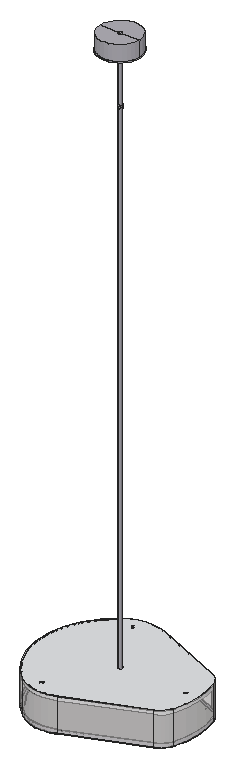
Revit family "Lighting - Lumetta - Pendant - NP52305", category Lighting Fixtures, host Ceiling, Revit 2015
Parameters
  Wattage = 11.7117 W
  built-in parameter 1150110 = 1 (stored number, unit not read)
  URL = "https://lumetta.com/luminaires/nexus-23-pendant/"
  Type Comments = "Nexus 23'' Pendant"  # constant formula
  built-in parameter 1114217 = 1 (stored number, unit not read)
  built-in parameter 1150109 = 1 (stored number, unit not read)
  built-in parameter 1150134 = (empty or 0)
  Suspension [instance] = 2
  built-in parameter 1150113 = 1 (stored number, unit not read)
  Stem Hung-ALL Lamping [instance] = Suspension = 2  # yes
  STD-NON_DIM [instance] = not([3-4-LED])  # yes
  Model URL [instance] = "https://lumetta.com/luminaires/nexus-23-pendant/"
  Light Source Symbol Size = 0' - 1"
  Coupling-Stems Over 60 inches [instance] = and([Stem Hung-ALL Lamping], Fixture Drop > 5' 0")  # yes
  Model = "NP52305"  # constant formula
  Manufacturer = "Lumetta, Inc."  # constant formula
  Lumens = 1300 lm
  built-in parameter 1150115 = 1 (stored number, unit not read)
  built-in parameter 1150105 = 103.45 (stored number, unit not read)
  built-in parameter 1150137 = (empty or 0)
  built-in parameter 1150139 = (empty or 0)
  built-in parameter 1150112 = 1 (stored number, unit not read)
  built-in parameter 1150114 = 1 (stored number, unit not read)
  built-in parameter 1150132 = 1
  built-in parameter 1150102 = (empty or 0)
  built-in parameter 1150138 = (empty or 0)
  built-in parameter 1150107 = 3000 (stored number, unit not read)
  built-in parameter 1150106 = 1.0345 (stored number, unit not read)
  Frame Finish [instance] = Paint - Lumetta - F02 - PC_Chrome
  Fixture Drop [instance] = 7' - 0"
  built-in parameter 1150104 = 10.312 (stored number, unit not read)
  Dimming Lamp Color Temperature Shift = (empty or 0)
  Diffuser Material [instance] = Shade - Lumetta - D61 - MT_White
  Description = ""
  Cord [instance] = Suspension = 1  # no
  Bottom Lens-Material [instance] = Acrylic - P95 - Etched White
  Bottom Lens [instance] = yes
  3-4-LED [instance] = and([3 or 4 Wire Dimming OR LED], Suspension = 1)  # no
  3 or 4 Wire Dimming OR LED [instance] = yes
  3 Cables [instance] = Suspension = 1  # no
  1CRD-3CBL-ALL Lamping [instance] = Suspension = 1  # no
  Cord Color [instance] = Cord, Black
  Color Filter = 16777215
  built-in parameter 1114218 = 1 (stored number, unit not read)
  built-in parameter 1150133 = 10 (stored number, unit not read)
Reference planes (in)
  plane 1 "Light Source Axis (F/B)": y = 0
  plane 2 "Ceiling": z = 96
  plane 3 "Light Source Axis (L/R)": x = 0
  plane 4 "Light Source Elevation": z = 9.5
  plane 5 "Fixture-Top": z = 12
  plane 6 "Fixture-Radius": x = 11.5
  plane 7 "Fixture-Height": z = 7
  plane 8: through (0, 0, 0) normal (-0.5, -0.866, 0)
  plane 9: y = 0
  plane 10: through (0, 0, 0) normal (0.5, -0.866, 0)
  plane 11 "Plane-120": through (-5.75, 9.95929, 0) normal (0.5, -0.866, 0)
  plane 12 "Plane-240": through (-68.10383, 26.04071, 0) normal (0.5, 0.866, 0)
  plane 13: through (0, 0, 0) normal (-0.866, -0.5, 0)
  plane 14: through (0, 0, 0) normal (0.866, -0.5, 0)
Forms (in)
  Revolve 1, solid, material "Paint - Lumetta - F02 - PC_Chrome" <- "Frame Finish", visible <- "1CRD-3CBL-ALL Lamping"
    sketch origin (0, 0, 0) x (1, 0, 0) y (0, 0, 1)
      loop
        line (0, 96) -> (0, 95.4375) -> (3, 95.4375) -> (3, 95.5) -> (2.87509, 95.5) -> (2.87509, 96) -> (0, 96)
      axis (0, 96) -> (0, 95.4375)
    angle from 0 to 360
  Extrusion 2, void
    sketch origin (0, 0, 95.4375) x (0, -1, 0) y (1, 0, 0)
      loop
        circle (0, 0) r 0.25
      loop
        circle (0, 2.5) r 0.06274
      loop
        circle (-2.16506, -1.25) r 0.06274
      loop
        circle (2.16506, -1.25) r 0.06274
    from 0 to 0.06358
  Extrusion 3, solid, material "Paint - Lumetta - F02 - PC_Chrome" <- "Frame Finish", visible <- "Stem Hung-ALL Lamping"
    sketch origin (0, 0, 12) x (0, -1, 0) y (-1, 0, 0)
      loop
        circle (0, 0) r 0.25
    from 0.05746 to -84
  Revolve 4, solid, material "Paint - Lumetta - F02 - PC_Chrome" <- "Frame Finish", visible <- "Coupling-Stems Over 60 inches"
    sketch origin (0, 0, 0) x (1, 0, 0) y (0, 0, 1)
      loop
        line (0, 86.53023) -> (0, 86) -> (0.26233, 86)
        arc (0.26233, 86) -> (0.31307, 86.05074) -> (0.26233, 86.10149) r 0.05074
        arc (0.26233, 86.10149) -> (0.29304, 86.26499) -> (0.26243, 86.42851) r 0.45126
        arc (0.26243, 86.42851) -> (0.31329, 86.47937) -> (0.26243, 86.53023) r 0.05086
        line (0.26243, 86.53023) -> (0, 86.53023)
      axis (0, 86.53023) -> (0, 86)
    angle from 0 to 360
  Revolve 5, solid, material "Paint - Lumetta - F02 - PC_Chrome" <- "Frame Finish", visible <- "Stem Hung-ALL Lamping"
    sketch origin (0, 0, 0) x (1, 0, 0) y (0, 0, 1)
      loop
        line (0, 96) -> (0, 93.40625) -> (0.34988, 93.40625)
        arc (0.34988, 93.40625) -> (0.49124, 93.54417) -> (0.58115, 93.72) r 0.61026
        line (0.58115, 93.72) -> (3, 93.72) -> (3, 93.78) -> (2.875, 93.78) -> (2.875, 96) -> (0, 96)
      axis (0, 96) -> (0, 93.40625)
    angle from 0 to 360
  Extrusion 6, solid, material "Cord, Black" <- "Cord Color", visible <- "1CRD-3CBL-ALL Lamping"
    sketch origin (0, 0, 12) x (0, -1, 0) y (1, 0, 0)
      loop
        circle (0, 0) r 0.15674
    from -0.56254 to 84
  Extrusion 7, solid, material "Paint - Lumetta - F11 - PC_White"
    sketch origin (0, 0, 12) x (0, -1, 0) y (1, 0, 0)
      loop
        circle (0, 9.75) r 0.15796
      loop
        circle (-8.44375, -4.875) r 0.15796
      loop
        circle (8.44375, -4.875) r 0.15796
      loop
        arc (-3.6767, 10.89642) -> (-4.72094, 10.27246) -> (-5.41368, 9.27253) r 2.875
        line (-5.41368, 9.27253) -> (-9.8211, -1.36794)
        arc (-9.8211, -1.36794) -> (-10.20382, -4.3616) -> (-9.01759, -7.13674) r 5.75
        arc (-9.01759, -7.13674) -> (0, -11.5) -> (9.01759, -7.13674) r 11.5
        arc (9.01759, -7.13674) -> (10.20382, -4.3616) -> (9.8211, -1.36794) r 5.75
        line (9.8211, -1.36794) -> (5.41368, 9.27253)
        arc (5.41368, 9.27253) -> (4.72094, 10.27246) -> (3.6767, 10.89642) r 2.875
        arc (3.6767, 10.89642) -> (0, 11.5) -> (-3.6767, 10.89642) r 11.5
      loop
        circle (0, 0) r 0.26563
    from -0.05746 to 0
  Sweep 8, solid, visible <- "1CRD-3CBL-ALL Lamping"
    path origin (0, 0, 0) x (1, 0, 0) y (0, 0, 1)
      loop
        line (2.5, 95.50108) -> (9.75, 11.50123)
    profile origin (6.125, 0, 53.50116) x (0.996296, 0, 0.08599) y (0, -1, 0)
      loop
        circle (0, 0) r 0.03083
  Sweep 9, solid, visible <- "1CRD-3CBL-ALL Lamping"
    path origin (0, 0, 0) x (-0.5, 0.866025, 0) y (0, 0, 1)
      loop
        line (2.5, 95.50108) -> (9.75, 11.50123)
    profile origin (-3.0625, 5.30441, 53.50116) x (-0.498148, 0.862818, 0.08599) y (0.866025, 0.5, 0)
      loop
        circle (0, 0) r 0.03083
  Sweep 10, solid, visible <- "1CRD-3CBL-ALL Lamping"
    path origin (0, 0, 0) x (-0.5, -0.866025, 0) y (0, 0, 1)
      loop
        line (2.5, 95.50108) -> (9.75, 11.50123)
    profile origin (-3.0625, -5.30441, 53.50116) x (-0.498148, -0.862818, 0.08599) y (-0.866025, 0.5, 0)
      loop
        circle (0, 0) r 0.03083
  Extrusion 11, solid, material "Paint - Lumetta - F02 - PC_Chrome" <- "Frame Finish", visible <- "Bottom Lens"
    sketch origin (0, 0, 7) x (0, -1, 0) y (1, 0, 0)
      loop
        arc (-3.6767, 10.89642) -> (-4.72094, 10.27246) -> (-5.41368, 9.27253) r 2.875
        line (-5.41368, 9.27253) -> (-9.8211, -1.36794)
        arc (-9.8211, -1.36794) -> (-10.20382, -4.3616) -> (-9.01759, -7.13674) r 5.75
        arc (-9.01759, -7.13674) -> (0, -11.5) -> (9.01759, -7.13674) r 11.5
        arc (9.01759, -7.13674) -> (10.20382, -4.3616) -> (9.8211, -1.36794) r 5.75
        line (9.8211, -1.36794) -> (5.41368, 9.27253)
        arc (5.41368, 9.27253) -> (4.72094, 10.27246) -> (3.6767, 10.89642) r 2.875
        arc (3.6767, 10.89642) -> (0, 11.5) -> (-3.6767, 10.89642) r 11.5
      loop
        arc (-8.62552, -6.82644) -> (0, -11) -> (8.62552, -6.82644) r 11
        arc (8.62552, -6.82644) -> (9.7086, -4.29263) -> (9.35916, -1.55928) r 5.25
        line (9.35916, -1.55928) -> (4.95174, 9.08118)
        arc (4.95174, 9.08118) -> (4.37948, 9.90722) -> (3.51684, 10.42266) r 2.375
        arc (3.51684, 10.42266) -> (0, 11) -> (-3.51684, 10.42266) r 11
        arc (-3.51684, 10.42266) -> (-4.37948, 9.90722) -> (-4.95174, 9.08118) r 2.375
        line (-4.95174, 9.08118) -> (-9.35916, -1.55928)
        arc (-9.35916, -1.55928) -> (-9.7086, -4.29263) -> (-8.62552, -6.82644) r 5.25
    from 0 to 0.09952
  Revolve 12, solid, material "Paint - Lumetta - F02 - PC_Chrome" <- "Frame Finish", visible <- "STD-NON_DIM"
    sketch origin (0, 0, 0) x (1, 0, 0) y (0, 0, 1)
      loop
        line (0, 95.4375) -> (0, 94.87435) -> (0.28215, 94.87435) -> (0.37481, 95.4375) -> (0, 95.4375)
      axis (0, 95.4375) -> (0, 94.87435)
    angle from 0 to 360
  Revolve 13, solid, material "Paint - Lumetta - F02 - PC_Chrome" <- "Frame Finish", visible <- "3-4-LED"
    sketch origin (0, 0, 0) x (1, 0, 0) y (0, 0, 1)
      loop
        line (0, 95.4375) -> (0, 95.3765) -> (0.37481, 95.3765) -> (0.37481, 95.4375) -> (0, 95.4375)
      axis (0, 95.4375) -> (0, 95.3765)
    angle from 0 to 360
  Extrusion 14, solid, material "Paint - Lumetta - F11 - PC_White"
    sketch origin (0, 0, 12) x (0, -1, 0) y (1, 0, 0)
      loop
        arc (-3.6767, 10.89642) -> (-4.72094, 10.27246) -> (-5.41368, 9.27253) r 2.875
        line (-5.41368, 9.27253) -> (-9.8211, -1.36794)
        arc (-9.8211, -1.36794) -> (-10.20382, -4.3616) -> (-9.01759, -7.13674) r 5.75
        arc (-9.01759, -7.13674) -> (0, -11.5) -> (9.01759, -7.13674) r 11.5
        arc (9.01759, -7.13674) -> (10.20382, -4.3616) -> (9.8211, -1.36794) r 5.75
        line (9.8211, -1.36794) -> (5.41368, 9.27253)
        arc (5.41368, 9.27253) -> (4.72094, 10.27246) -> (3.6767, 10.89642) r 2.875
        arc (3.6767, 10.89642) -> (0, 11.5) -> (-3.6767, 10.89642) r 11.5
      loop
        circle (0, 0) r 0.26563
      loop
        circle (0, 9.5) r 0.10937
      loop
        circle (-8.22724, -4.75) r 0.10938
      loop
        circle (8.22724, -4.75) r 0.10938
      loop
        arc (-9.76336, -1.39186) -> (-10.14192, -4.35298) -> (-8.96858, -7.09795) r 5.6875
        arc (-8.96858, -7.09795) -> (0, -11.4375) -> (8.96858, -7.09795) r 11.4375
        arc (8.96858, -7.09795) -> (10.14192, -4.35298) -> (9.76336, -1.39186) r 5.6875
        line (9.76336, -1.39186) -> (5.35594, 9.24861)
        arc (5.35594, 9.24861) -> (4.67826, 10.22681) -> (3.65672, 10.8372) r 2.8125
        arc (3.65672, 10.8372) -> (0, 11.4375) -> (-3.65672, 10.8372) r 11.4375
        arc (-3.65672, 10.8372) -> (-4.67826, 10.22681) -> (-5.35594, 9.24861) r 2.8125
        line (-5.35594, 9.24861) -> (-9.76336, -1.39186)
    from -0.56697 to -0.05746
  Extrusion 15, solid, material "Paint - Lumetta - F02 - PC_Chrome" <- "Frame Finish"
    sketch origin (0, 0, 7) x (0, -1, 0) y (1, 0, 0)
      loop
        arc (-3.6767, 10.89642) -> (-4.72094, 10.27246) -> (-5.41368, 9.27253) r 2.875
        line (-5.41368, 9.27253) -> (-9.8211, -1.36794)
        arc (-9.8211, -1.36794) -> (-10.20382, -4.3616) -> (-9.01759, -7.13674) r 5.75
        arc (-9.01759, -7.13674) -> (0, -11.5) -> (9.01759, -7.13674) r 11.5
        arc (9.01759, -7.13674) -> (10.20382, -4.3616) -> (9.8211, -1.36794) r 5.75
        line (9.8211, -1.36794) -> (5.41368, 9.27253)
        arc (5.41368, 9.27253) -> (4.72094, 10.27246) -> (3.6767, 10.89642) r 2.875
        arc (3.6767, 10.89642) -> (0, 11.5) -> (-3.6767, 10.89642) r 11.5
      loop
        arc (-8.96858, -7.09795) -> (0, -11.4375) -> (8.96858, -7.09795) r 11.4375
        arc (8.96858, -7.09795) -> (10.14192, -4.35298) -> (9.76336, -1.39186) r 5.6875
        line (9.76336, -1.39186) -> (5.35594, 9.24861)
        arc (5.35594, 9.24861) -> (4.67826, 10.22681) -> (3.65672, 10.8372) r 2.8125
        arc (3.65672, 10.8372) -> (0, 11.4375) -> (-3.65672, 10.8372) r 11.4375
        arc (-3.65672, 10.8372) -> (-4.67826, 10.22681) -> (-5.35594, 9.24861) r 2.8125
        line (-5.35594, 9.24861) -> (-9.76336, -1.39186)
        arc (-9.76336, -1.39186) -> (-10.14192, -4.35298) -> (-8.96858, -7.09795) r 5.6875
    from 0.09952 to 0.59278
  Extrusion 16, solid, material "Acrylic - P95 - Etched White" <- "Bottom Lens-Material", visible <- "Bottom Lens"
    sketch origin (0, 0, 7) x (0, -1, 0) y (1, 0, 0)
      loop
        arc (-9.70562, -1.41577) -> (-10.08001, -4.34436) -> (-8.91958, -7.05916) r 5.625
        arc (-8.91958, -7.05916) -> (0, -11.375) -> (8.91958, -7.05916) r 11.375
        arc (8.91958, -7.05916) -> (10.08001, -4.34436) -> (9.70562, -1.41577) r 5.625
        line (9.70562, -1.41577) -> (5.29819, 9.22469)
        arc (5.29819, 9.22469) -> (4.63557, 10.18115) -> (3.63674, 10.77798) r 2.75
        arc (3.63674, 10.77798) -> (0, 11.375) -> (-3.63674, 10.77798) r 11.375
        arc (-3.63674, 10.77798) -> (-4.63557, 10.18115) -> (-5.29819, 9.22469) r 2.75
        line (-5.29819, 9.22469) -> (-9.70562, -1.41577)
    from 0.09952 to 0.2291
  Extrusion 17, solid, material "Shade - Lumetta - D61 - MT_White" <- "Diffuser Material"
    sketch origin (0, 0, 7) x (0, -1, 0) y (1, 0, 0)
      loop
        arc (-3.6767, 10.89642) -> (-4.72094, 10.27246) -> (-5.41368, 9.27253) r 2.875
        line (-5.41368, 9.27253) -> (-9.8211, -1.36794)
        arc (-9.8211, -1.36794) -> (-10.20382, -4.3616) -> (-9.01759, -7.13674) r 5.75
        arc (-9.01759, -7.13674) -> (0, -11.5) -> (9.01759, -7.13674) r 11.5
        arc (9.01759, -7.13674) -> (10.20382, -4.3616) -> (9.8211, -1.36794) r 5.75
        line (9.8211, -1.36794) -> (5.41368, 9.27253)
        arc (5.41368, 9.27253) -> (4.72094, 10.27246) -> (3.6767, 10.89642) r 2.875
        arc (3.6767, 10.89642) -> (0, 11.5) -> (-3.6767, 10.89642) r 11.5
      loop
        circle (0, 0) r 0.26563
      loop
        arc (-3.68669, 10.92603) -> (-4.74228, 10.29529) -> (-5.44255, 9.28449) r 2.90625
        line (-5.44255, 9.28449) -> (-9.84998, -1.35598)
        arc (-9.84998, -1.35598) -> (-10.23477, -4.36591) -> (-9.0421, -7.15613) r 5.78125
        arc (-9.0421, -7.15613) -> (0, -11.53125) -> (9.0421, -7.15613) r 11.53125
        arc (9.0421, -7.15613) -> (10.23477, -4.36591) -> (9.84998, -1.35598) r 5.78125
        line (9.84998, -1.35598) -> (5.44255, 9.28449)
        arc (5.44255, 9.28449) -> (4.74228, 10.29529) -> (3.68669, 10.92603) r 2.90625
        arc (3.68669, 10.92603) -> (0, 11.53125) -> (-3.68669, 10.92603) r 11.53125
    from 0 to 5
Dimensions and locks (in)
  equal spacing: host sketch curve, plane 3 "Light Source Axis (L/R)", host sketch curve
  equal spacing: host sketch curve, plane 1 "Light Source Axis (F/B)", host sketch curve
  host sketch curve to host sketch curve = 10' - 0"  (x2)
  "Fixture Drop": plane 2 "Ceiling" to plane 5 "Fixture-Top"
  locked: plane 5 "Fixture-Top" to plane 4 "Light Source Elevation" at 2.5
  locked: plane 6 "Fixture-Radius" to plane 3 "Light Source Axis (L/R)" at 11.5
  locked: plane 5 "Fixture-Top" to plane 7 "Fixture-Height" at 5
  locked: Extrusion 2 sketch curve to Extrusion 2 sketch curve at 2.5
  locked: Extrusion 3 sketch curve to imposter light
  locked: Extrusion 3 sketch curve to imposter light at 0
  Revolve 4 sketch curve to Revolve 4 sketch curve = 0' - 0.15822"
  locked: Revolve 4 sketch curve to Revolve 4 sketch curve at 0.53023
  locked: Revolve 4 sketch curve to Revolve 4 sketch curve at 0.26243
  locked: Revolve 4 sketch curve to Revolve 4 sketch curve at 0.26233
  locked: Revolve 4 sketch curve to Revolve 4 sketch curve at 0.05074
  locked: Revolve 4 sketch curve to Revolve 4 sketch curve at 0.47937
  locked: Revolve 4 sketch curve to Revolve 4 sketch curve at 0.26512
  locked: Revolve 5 sketch curve to Revolve 5 sketch curve at 2.875
  locked: Revolve 5 sketch curve to Revolve 5 sketch curve at 0.31375
  locked: Revolve 1 sketch curve to Revolve 1 sketch curve at 0.0625
  locked: host ceiling to Revolve 1 sketch curve at 0.5625
  locked: Revolve 1 sketch curve to Revolve 1 sketch curve at 0.5625
  Revolve 1 sketch curve to Revolve 1 sketch curve = 0' - 2.87509"
  locked: Extrusion 7 sketch curve to plane 6 "Fixture-Radius" at 1.75
  locked: plane 10 to plane 11 "Plane-120" at 11.5
  locked: plane 12 "Plane-240" to plane 8 at 11.5
  locked: Extrusion 7 sketch curve to plane 12 "Plane-240" at 1.75
  locked: Extrusion 7 sketch curve to plane 11 "Plane-120" at 1.75
  locked: plane 10 to Extrusion 2 sketch curve at 2.5
  locked: Extrusion 2 sketch curve to plane 8 at 2.5
  locked: Extrusion 11 to plane 7 "Fixture-Height" at 0.09952
  locked: Revolve 1 sketch curve to Revolve 1 sketch curve at 3
  locked: Revolve 1 sketch curve to Revolve 1 sketch curve at 2.87509
  locked: Revolve 12 sketch curve to Revolve 12 sketch curve at 0.37481
  locked: Revolve 12 sketch curve to Revolve 12 sketch curve at 0.28215
  locked: Revolve 1 to Revolve 12 sketch curve at 0.56315
  locked: Revolve 1 to Revolve 13 sketch curve at 0.061
  locked: plane 3 "Light Source Axis (L/R)" to Revolve 13 sketch curve at 0.37481
  locked: Extrusion 14 to Extrusion 14 at 0.50951
  locked: Extrusion 11 sketch curve to plane 3 "Light Source Axis (L/R)" at 0  (x2)
  locked: Extrusion 11 sketch curve to plane 9 at 0  (x2)
  locked: Extrusion 15 to Extrusion 15 at 0.49326
  locked: plane 5 "Fixture-Top" to Extrusion 7 at 0.05746
  locked: Extrusion 16 to Extrusion 16 at 0.12957
  aligned and locked: plane 3 "Light Source Axis (L/R)" to imposter light
  aligned and locked: plane 1 "Light Source Axis (F/B)" to imposter light
  aligned and locked: plane 4 "Light Source Elevation" to imposter light
  aligned and locked: Revolve 4 sketch curve to Revolve 4 sketch curve  (x2)
  aligned and locked: host ceiling to Extrusion 3
  aligned and locked: host ceiling to Extrusion 6
  aligned and locked: Extrusion 14 to Extrusion 3
  aligned and locked: plane 7 "Fixture-Height" to Extrusion 11
  aligned and locked: Extrusion 15 to Extrusion 11
  aligned and locked: Extrusion 7 to plane 5 "Fixture-Top"
  aligned and locked: Extrusion 14 to Extrusion 7
  aligned and locked: Extrusion 16 to Extrusion 11
  aligned and locked: Extrusion 17 to plane 5 "Fixture-Top"
  aligned and locked: plane 7 "Fixture-Height" to Extrusion 17
Automatic sketch dimensions
  Revolve 4 sketch curve to plane 3 "Light Source Axis (L/R)" = 0' - 0"
  Revolve 4 sketch curve to Revolve 4 sketch curve = 0' - 11.34317"
  Revolve 5 sketch curve to plane 3 "Light Source Axis (L/R)" = 0' - 0"  (x3)
  Revolve 5 sketch curve to plane 2 "Ceiling" = 0' - 0"
  plane 3 "Light Source Axis (L/R)" to Revolve 5 sketch curve = 0' - 0.34988"
  Revolve 5 sketch curve to Revolve 5 sketch curve = 0' - 0.23126"
  Revolve 5 sketch curve to Revolve 5 sketch curve = 0' - 0 1/8"
  Revolve 5 sketch curve to plane 2 "Ceiling" = 0' - 2 3/32"
  Revolve 5 sketch curve to Revolve 5 sketch curve = 0' - 0.06"
  plane 2 "Ceiling" to Revolve 5 sketch curve = 0' - 1 3/4"
  Revolve 5 sketch curve to Revolve 5 sketch curve = 0' - 2 1/2"
  plane 1 "Light Source Axis (F/B)" to Extrusion 6 sketch curve = 0' - 0"
  Extrusion 6 sketch curve to plane 3 "Light Source Axis (L/R)" = 0' - 0"
  Extrusion 2 sketch curve to Revolve 1 = 0' - 0"
  Extrusion 2 sketch curve to Extrusion 2 sketch curve = 0' - 1 1/4"  (x2)
  Sweep 8 sketch curve to plane 2 "Ceiling" = 0' - 0.49892"
  plane 3 "Light Source Axis (L/R)" to Sweep 8 sketch curve = 0' - 2 1/2"
  plane 5 "Fixture-Top" to Sweep 8 sketch curve = 0' - 0.49877"
  Sweep 8 sketch curve to plane 6 "Fixture-Radius" = 0' - 1 3/4"
  Sweep 8 sketch curve to plane 1 "Light Source Axis (F/B)" = 0' - 0"
  Sweep 8 sketch curve to profile plane = 0' - 0"
  Sweep 9 sketch curve to plane 2 "Ceiling" = 0' - 0.49892"
  Sweep 9 sketch curve to plane 10 = 0' - 2 1/2"
  plane 5 "Fixture-Top" to Sweep 9 sketch curve = 0' - 0.49877"
  plane 11 "Plane-120" to Sweep 9 sketch curve = 0' - 1 3/4"
  Sweep 9 sketch curve to profile plane = 0' - 0"
  profile plane to Sweep 9 sketch curve = 0' - 0"
  Sweep 10 sketch curve to plane 2 "Ceiling" = 0' - 0.49892"
  plane 8 to Sweep 10 sketch curve = 0' - 2 1/2"
  plane 5 "Fixture-Top" to Sweep 10 sketch curve = 0' - 0.49877"
  plane 12 "Plane-240" to Sweep 10 sketch curve = 0' - 1 3/4"
  profile plane to Sweep 10 sketch curve = 0' - 0"  (x2)
  Revolve 1 sketch curve to plane 3 "Light Source Axis (L/R)" = 0' - 0"  (x2)
  Revolve 1 sketch curve to plane 5 "Fixture-Top" = 0' - 1 1/4"
  Revolve 1 sketch curve to Revolve 1 sketch curve = 0' - 9 3/4"
  Revolve 12 sketch curve to plane 3 "Light Source Axis (L/R)" = 0' - 0"  (x2)
  Revolve 12 sketch curve to plane 2 "Ceiling" = 0' - 0 9/16"
  Revolve 12 sketch curve to Revolve 12 sketch curve = 0' - 1.18685"
  plane 2 "Ceiling" to Revolve 12 sketch curve = 0' - 6 11/16"
  Revolve 13 sketch curve to plane 3 "Light Source Axis (L/R)" = 0' - 0"  (x2)
  Revolve 13 sketch curve to Revolve 13 sketch curve = 0' - 0.061"
  Revolve 13 sketch curve to Revolve 13 sketch curve = 0' - 0.82606"
  Revolve 13 sketch curve to plane 2 "Ceiling" = 0' - 0 1/4"
  Extrusion 7 sketch curve to Extrusion 7 sketch curve = 0' - 0"  (x13)
  plane 13 to Extrusion 7 sketch curve = 0' - 0"
  plane 1 "Light Source Axis (F/B)" to Extrusion 7 sketch curve = 0' - 0"  (x2)
  plane 14 to Extrusion 7 sketch curve = 0' - 0"
  plane 1 "Light Source Axis (F/B)" to Extrusion 7 sketch curve = 0' - 9.8211"
  Extrusion 7 sketch curve to Extrusion 7 sketch curve = 0' - 4.40742"
  Extrusion 7 sketch curve to Extrusion 7 sketch curve = 0' - 2.65615"  (x2)
  Extrusion 7 sketch curve to Extrusion 7 sketch curve = 0' - 4.5088"  (x2)
  Extrusion 7 sketch curve to Extrusion 7 sketch curve = 0' - 3.56837"
  Extrusion 7 sketch curve to Extrusion 7 sketch curve = 0' - 8.17231"
  Extrusion 7 sketch curve to Extrusion 7 sketch curve = 0' - 1.10021"  (x2)
  Extrusion 7 sketch curve to plane 3 "Light Source Axis (L/R)" = 0' - 0"
  Extrusion 7 sketch curve to plane 3 "Light Source Axis (L/R)" = 0' - 1.36794"  (x2)
  Extrusion 7 sketch curve to Extrusion 7 sketch curve = 0' - 1.37736"
  Extrusion 7 sketch curve to plane 1 "Light Source Axis (F/B)" = 0' - 5.41368"
  Extrusion 7 sketch curve to plane 3 "Light Source Axis (L/R)" = 0' - 3.56837"
  Revolve 4 sketch curve to plane 2 "Ceiling" = 0' - 10"
  Extrusion 14 sketch curve to Extrusion 14 sketch curve = 0' - 0"  (x20)
  Extrusion 14 sketch curve to plane 1 "Light Source Axis (F/B)" = 0' - 9.8211"
  Extrusion 14 sketch curve to Extrusion 14 sketch curve = 0' - 1.59386"  (x2)
  Extrusion 14 sketch curve to Extrusion 14 sketch curve = 0' - 3.71844"
  Extrusion 14 sketch curve to Extrusion 14 sketch curve = 0' - 2.75753"  (x2)
  Extrusion 14 sketch curve to Extrusion 14 sketch curve = 0' - 2.65615"
  Extrusion 14 sketch curve to Extrusion 14 sketch curve = 0' - 1.18163"  (x2)
  Extrusion 14 sketch curve to Extrusion 14 sketch curve = 0' - 3.38206"  (x2)
  Extrusion 14 sketch curve to Extrusion 14 sketch curve = 0' - 1.10021"  (x2)
  Extrusion 14 sketch curve to Extrusion 14 sketch curve = 0' - 1.32769"
  Extrusion 14 sketch curve to plane 3 "Light Source Axis (L/R)" = 0' - 1.39186"  (x2)
  Extrusion 14 sketch curve to plane 6 "Fixture-Radius" = 0' - 2.25139"
  Extrusion 14 sketch curve to Extrusion 14 sketch curve = 0' - 0.05774"  (x4)
  Extrusion 14 sketch curve to Extrusion 14 sketch curve = 0' - 0.03879"  (x3)
  Extrusion 14 sketch curve to Extrusion 14 sketch curve = 0' - 0.04901"  (x2)
  Extrusion 14 sketch curve to Extrusion 14 sketch curve = 0' - 0.01998"  (x4)
  Extrusion 14 sketch curve to Extrusion 14 sketch curve = 0' - 0.02392"  (x2)
  Extrusion 11 sketch curve to plane 1 "Light Source Axis (F/B)" = 0' - 9.8211"
  Extrusion 11 sketch curve to Extrusion 11 sketch curve = 0' - 2.65615"  (x2)
  Extrusion 11 sketch curve to Extrusion 11 sketch curve = 0' - 0"  (x16)
  Extrusion 11 sketch curve to Extrusion 11 sketch curve = 0' - 1.10021"  (x2)
  Extrusion 11 sketch curve to Extrusion 11 sketch curve = 0' - 0.39207"  (x2)
  Extrusion 11 sketch curve to Extrusion 11 sketch curve = 0' - 0.31029"  (x3)
  Extrusion 11 sketch curve to Extrusion 11 sketch curve = 0' - 0.46194"  (x3)
  Extrusion 11 sketch curve to plane 3 "Light Source Axis (L/R)" = 0' - 1.55928"  (x2)
  Extrusion 11 sketch curve to Extrusion 11 sketch curve = 0' - 0.15986"  (x4)
  Extrusion 11 sketch curve to Extrusion 11 sketch curve = 0' - 0.19134"  (x3)
  Extrusion 11 sketch curve to plane 6 "Fixture-Radius" = 0' - 2.41882"
  Extrusion 11 sketch curve to plane 3 "Light Source Axis (L/R)" = 0' - 3.56837"
  plane 1 "Light Source Axis (F/B)" to Extrusion 11 sketch curve = 0' - 4.5088"
  Extrusion 15 sketch curve to Extrusion 15 sketch curve = 0' - 0"  (x24)
  plane 1 "Light Source Axis (F/B)" to Extrusion 15 sketch curve = 0' - 0"
  Extrusion 15 sketch curve to plane 3 "Light Source Axis (L/R)" = 0' - 0"
  Extrusion 15 sketch curve to plane 1 "Light Source Axis (F/B)" = 0' - 2.75753"
  Extrusion 15 sketch curve to plane 3 "Light Source Axis (L/R)" = 0' - 3.56837"  (x2)
  Extrusion 15 sketch curve to plane 1 "Light Source Axis (F/B)" = 0' - 4.5088"
  Extrusion 15 sketch curve to plane 6 "Fixture-Radius" = 0' - 2.25139"  (x2)
  Extrusion 15 sketch curve to Extrusion 15 sketch curve = 0' - 2.59841"  (x2)
  Extrusion 15 sketch curve to plane 6 "Fixture-Radius" = 0' - 2.22747"  (x2)
  Extrusion 15 sketch curve to Extrusion 15 sketch curve = 0' - 0.05774"  (x4)
  Extrusion 15 sketch curve to plane 3 "Light Source Axis (L/R)" = 0' - 1.39186"  (x2)
  Extrusion 15 sketch curve to Extrusion 15 sketch curve = 0' - 5.25456"  (x2)
  Extrusion 15 sketch curve to plane 3 "Light Source Axis (L/R)" = 0' - 1.36794"  (x2)
  plane 1 "Light Source Axis (F/B)" to Extrusion 15 sketch curve = 0' - 2.75753"
  plane 1 "Light Source Axis (F/B)" to Extrusion 15 sketch curve = 0' - 4.5088"
  Extrusion 15 sketch curve to Extrusion 15 sketch curve = 0' - 1.0763"  (x2)
  Extrusion 16 sketch curve to plane 6 "Fixture-Radius" = 0' - 2.27531"  (x2)
  Extrusion 16 sketch curve to plane 3 "Light Source Axis (L/R)" = 0' - 1.41577"  (x2)
  Extrusion 16 sketch curve to Extrusion 16 sketch curve = 0' - 0"  (x4)
  Extrusion 16 sketch curve to plane 3 "Light Source Axis (L/R)" = 0' - 0"
  Extrusion 16 sketch curve to plane 1 "Light Source Axis (F/B)" = 0' - 2.75753"
  Extrusion 16 sketch curve to plane 3 "Light Source Axis (L/R)" = 0' - 3.56837"  (x2)
  Extrusion 16 sketch curve to plane 1 "Light Source Axis (F/B)" = 0' - 4.5088"
  Extrusion 16 sketch curve to Extrusion 16 sketch curve = 0' - 2.54067"
  Extrusion 16 sketch curve to Extrusion 16 sketch curve = 0' - 5.19682"  (x2)
  Extrusion 16 sketch curve to plane 6 "Fixture-Radius" = 0' - 3.32769"
  Extrusion 16 sketch curve to Extrusion 16 sketch curve = 0' - 1.05238"
  plane 1 "Light Source Axis (F/B)" to Extrusion 16 sketch curve = 0' - 0"
  plane 1 "Light Source Axis (F/B)" to Extrusion 16 sketch curve = 0' - 2.75753"
  plane 1 "Light Source Axis (F/B)" to Extrusion 16 sketch curve = 0' - 4.5088"
  Extrusion 16 sketch curve to Extrusion 16 sketch curve = 0' - 1.66146"
  Extrusion 17 sketch curve to Extrusion 17 sketch curve = 0' - 0"  (x45)
  Extrusion 17 sketch curve to plane 1 "Light Source Axis (F/B)" = 0' - 9.8211"
  Extrusion 17 sketch curve to Extrusion 17 sketch curve = 0' - 2.65615"  (x2)
  Extrusion 17 sketch curve to Extrusion 17 sketch curve = 0' - 1.10021"  (x2)
  Extrusion 17 sketch curve to Extrusion 17 sketch curve = 0' - 0.00999"  (x4)
  Extrusion 17 sketch curve to Extrusion 17 sketch curve = 0' - 0.01196"  (x2)
  Extrusion 17 sketch curve to plane 3 "Light Source Axis (L/R)" = 0' - 1.35598"  (x2)
  Extrusion 17 sketch curve to plane 6 "Fixture-Radius" = 0' - 2.21551"
  Extrusion 17 sketch curve to Extrusion 17 sketch curve = 0' - 0.02887"  (x3)
  Extrusion 17 sketch curve to Extrusion 17 sketch curve = 0' - 0.01939"  (x3)
  Extrusion 17 sketch curve to Extrusion 17 sketch curve = 0' - 0.0245"  (x3)
  plane 1 "Light Source Axis (F/B)" to Extrusion 17 sketch curve = 0' - 0"
  Extrusion 17 sketch curve to plane 3 "Light Source Axis (L/R)" = 0' - 0"
  Extrusion 17 sketch curve to plane 3 "Light Source Axis (L/R)" = 0' - 3.56837"  (x2)
  radius of Extrusion 3 sketch curve = 0' - 0 1/4"
  radius of Extrusion 6 sketch curve = 0' - 0.15674"
  radius of Extrusion 2 sketch curve = 0' - 0.06274"  (x3)
  radius of Sweep 8 sketch curve = 0' - 0.03083"
  radius of Sweep 9 sketch curve = 0' - 0.03083"
  radius of Sweep 10 sketch curve = 0' - 0.03083"
  radius of Extrusion 2 sketch curve to Revolve 1 = 0' - 2 3/4"
  radius of Extrusion 7 sketch curve = 0' - 0.15796"  (x3)
  radius of Extrusion 7 sketch curve = 0' - 0 17/64"
  radius of Extrusion 14 sketch curve = 0' - 0 17/64"
  radius of Extrusion 14 sketch curve = 0' - 0 7/64"  (x3)
  radius of Extrusion 17 sketch curve = 0' - 0 17/64"
